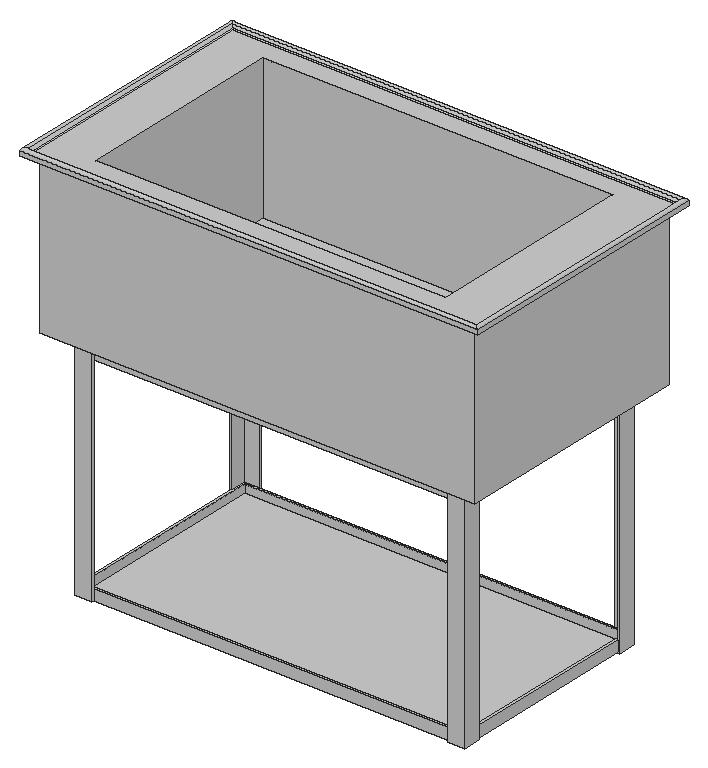
Revit family "QF_VOLLRATH_FC-4CP-01120-R", category Specialty Equipment, Revit 2016
Family settings
  Part Type = Normal
  Round Connector Dimension = Use Diameter
  OmniClass Number = 23.40.40.14.24.14
  OmniClass Title = Service Line Equipment
  Work Plane-Based = Yes
  Always vertical = Yes
  Cut with Voids When Loaded = Yes
  Shared = No
  Room Calculation Point = No
Parameters (values of type "FC-4CP-01120-R")
  Weight in Pounds = 91
  Watts = 384 W
  Waste Water Discharge Temperature [instance] = 0 °F
  Waste Remarks = ""
  Volts = 120 V
  URL Cutsheet = "www.vollrathfoodservice.com/downloads/211936/SPCDrop-InStandardRefrigL36186FC-4CP-pdf"
  URL = "www.vollrathfoodservice.com"
  Status [instance] = ""
  Specification by User [instance] = ""
  Specification by Manufacturer = ""
  Serial Number = ""
  Seismic Rating = ""
  SMACNA No = ""
  Revision Code [instance] = ""
  Plumbing Remarks [instance] = ""
  Plumbing Connection Type [instance] = ""
  Phase = 1
  Number of Poles = 1
  NAFEM Spec ID Number = ""
  Model = "FC-4CP-01120-R"
  Min Ckt Ampacity = 0 A
  Max Overcurrent Protection = 10 A
  Masterspec = ""
  Manufacturer = "VOLLRATH US"
  Item Number [instance] = ""
  Installed By [instance] = ""
  Identify Quantity as Lot [instance] = no
  HP = "0.5"
  Furnished By [instance] = ""
  Foodservice Equipment Identifier [instance] = yes
  FL Amps = 3.2 A
  Electrical Remarks [instance] = ""
  Electric Connection Type [instance] = "Plug&Receptacle"
  Elec Conn RI Height [instance] = 0"
  Elec Conn Connection Height [instance] = 0"
  Direct Waste Size = 1"
  Direct Waste RI Height = 0"
  Direct Waste Flow = 0 GPM
  Direct Waste Connection Height = 0"
  Description = "ONE-WELL 120-VOLT NSF 7-CERTIFIED REFRIGERATED MODULAR DROP-IN COLD WELL WITH FLAT FLANGE"
  Default Elevation = 0"
  Cycle = 60 Hz
  Conn Plug = "NEMA 5-15P"
  Conn Conduit [instance] = no
  CSI MasterFormat = ""
  Author = ""
  Assembly Code = "E1090320"
  Apparent Power = 384 VA
Reference planes (in)
  plane 1 "Back": y = 0
  plane 2: z = 0
  plane 3 "Left": x = 0
  plane 4 "Front": y = -15
  plane 5 "Top": z = 0
  plane 6 "Right": x = 26
Forms (in)
  Extrusion 1, solid
    sketch origin (0, 0, 2.308) x (1, 0, 0) y (0, 1, 0)
      loop
        line (22.9375, -1.5625) -> (3.0625, -1.5625) -> (3.0625, -13.4375) -> (22.9375, -13.4375) -> (22.9375, -1.5625)
      loop
        circle (20.96389, -3.55414) r 0.75
    from -11.375 to -10.305
  Extrusion 2, solid
    sketch origin (5.95684, -174.6095, -22.25) x (-1, 0, 0) y (0, -1, 0)
      loop
        line (-18.01191, -161.2345) -> (-17.13691, -161.2345) -> (-17.13691, -161.1095) -> (-18.13691, -161.1095) -> (-18.13691, -162.1095) -> (-18.01191, -162.1095) -> (-18.01191, -161.2345)
      loop
        line (3.92559, -161.2345) -> (3.92559, -162.1095) -> (4.05059, -162.1095) -> (4.05059, -161.1095) -> (3.05059, -161.1095) -> (3.05059, -161.2345) -> (3.92559, -161.2345)
      loop
        line (-18.01191, -172.9845) -> (-18.01191, -172.1095) -> (-18.13691, -172.1095) -> (-18.13691, -173.1095) -> (-17.13691, -173.1095) -> (-17.13691, -172.9845) -> (-18.01191, -172.9845)
      loop
        line (3.92559, -172.9845) -> (3.05059, -172.9845) -> (3.05059, -173.1095) -> (4.05059, -173.1095) -> (4.05059, -172.1095) -> (3.92559, -172.1095) -> (3.92559, -172.9845)
    from -0.125 to 13.183
  Extrusion 3, solid
    sketch origin (5.95684, -174.7345, -22.375) x (-1, 0, 0) y (0, -1, 0)
      loop
        line (3.92559, -173.1095) -> (3.92559, -161.3595) -> (-18.01191, -161.3595) -> (-18.01191, -173.1095) -> (3.92559, -173.1095)
    from 0 to 0.125
  Extrusion 4, solid
    sketch origin (8.28434, -13.375, -22.25) x (1, 0, 0) y (0, 0, -1)
      loop
        line (-6.25309, -13.183) -> (15.68441, -13.183) -> (15.68441, -12.183) -> (-6.25309, -12.183) -> (-6.25309, -13.183)
    from 0 to 0.125
  Extrusion 5, solid
    sketch origin (8.28434, -1.625, -22.25) x (1, 0, 0) y (0, 0, 1)
      loop
        line (-6.25309, 13.183) -> (-6.25309, 12.183) -> (15.68441, 12.183) -> (15.68441, 13.183) -> (-6.25309, 13.183)
    from 0 to 0.125
  Extrusion 6, solid
    sketch origin (2.03125, -15.531, -22.25) x (0, -1, 0) y (0, 0, -1)
      loop
        line (-3.031, -13.183) -> (-3.031, -12.183) -> (-4.156, -12.183) -> (-4.156, -13.183) -> (-3.031, -13.183)
      loop
        line (-13.031, -13.183) -> (-11.906, -13.183) -> (-11.906, -12.183) -> (-13.031, -12.183) -> (-13.031, -13.183)
    from 0 to -0.125
  Extrusion 7, void
    sketch origin (0, 0, 0) x (1, 0, 0) y (0, 1, 0)
      loop
        line (25.625, -0.375) -> (0.375, -0.375) -> (0.375, -14.625) -> (25.625, -14.625) -> (25.625, -0.375)
    from 3.27425 to -22.375
  Extrusion 8, solid
    sketch origin (23.96875, -15.531, -22.25) x (0, -1, 0) y (0, 0, 1)
      loop
        line (-3.031, 13.183) -> (-4.156, 13.183) -> (-4.156, 12.183) -> (-3.031, 12.183) -> (-3.031, 13.183)
      loop
        line (-13.031, 13.183) -> (-13.031, 12.183) -> (-11.906, 12.183) -> (-11.906, 13.183) -> (-13.031, 13.183)
    from 0 to -0.125
  Extrusion 9, solid
    sketch origin (0, 0, 0) x (1, 0, 0) y (0, 1, 0)
      loop
        line (0.625, -0.625) -> (0.625, -14.375) -> (25.375, -14.375) -> (25.375, -0.625) -> (0.625, -0.625)
      loop
        line (3.0625, -1.5625) -> (3.0625, -13.4375) -> (22.9375, -13.4375) -> (22.9375, -1.5625) -> (3.0625, -1.5625)
    from 0 to 0.14643
  Extrusion 10, solid
    sketch origin (0, 0, 0) x (1, 0, 0) y (0, 1, 0)
      loop
        line (0.625, -0.625) -> (0.625, -14.375) -> (25.375, -14.375) -> (25.375, -0.625) -> (0.625, -0.625)
      loop
        line (22.9375, -13.4375) -> (22.9375, -1.5625) -> (3.0625, -1.5625) -> (3.0625, -13.4375) -> (22.9375, -13.4375)
    from -9.067 to 0
  Extrusion 11, solid
    sketch origin (0, 0, 0) x (1, 0, 0) y (0, 1, 0)
      loop
        circle (20.96389, -3.55414) r 0.5
      loop
        circle (20.96389, -3.55414) r 0.75
    from -9.067 to -7.997
  Sweep 12, solid
    path origin (0, 0, 0) x (1, 0, 0) y (0, 1, 0)
      loop
        line (0.34375, -0.34375) -> (0.34375, -14.65625) -> (25.65625, -14.65625) -> (25.65625, -0.34375) -> (0.34375, -0.34375)
    profile origin (13, -0.34375, 0) x (0, 1, 0) y (0, 0, 1)
      loop
        line (0.34375, 0) -> (0.34375, 0.24548)
        arc (0.34375, 0.24548) -> (0.25632, 0.36797) -> (0.11207, 0.3251) r 0.12952
        line (0.11207, 0.3251) -> (0.00446, 0.18703)
        arc (0.00446, 0.18703) -> (-0.03241, 0.15713) -> (-0.07866, 0.14643) r 0.10539
        line (-0.07866, 0.14643) -> (-0.28125, 0.14643) -> (-0.28125, 0) -> (0.34375, 0)
  Extrusion 13, solid
    sketch origin (0, 0, 0.01778) x (1, 0, 0) y (0, 1, 0)
      loop
        circle (21, -7.5) r 0.25
    from -9.33478 to -9.08478
  Extrusion 14, solid
    sketch origin (0, 0, 0) x (1, 0, 0) y (0, 1, 0)
      loop
        line (2.03125, -13.375) -> (23.96875, -13.375) -> (23.96875, -1.625) -> (2.03125, -1.625) -> (2.03125, -13.375)
      loop
        line (23.84375, -1.75) -> (2.15625, -1.75) -> (2.15625, -13.25) -> (23.84375, -13.25) -> (23.84375, -1.75)
    from -22.25 to -21.75
Cuts and joins
  joined: Extrusion 1, Extrusion 9, Extrusion 10, Sweep 12
  joined: Extrusion 3, Extrusion 14
Lines and regions (in)
  symbolic lines, style "200-EquipBorder-2D"
    curve 1: line (26, 0, 0) -> (0, 0, 0)
    curve 2: line (26, -15, 0) -> (26, 0, 0)
    curve 3: line (0, 0, 0) -> (0, -15, 0)
    curve 8: line (0, -15, 0) -> (26, -15, 0)
  symbolic lines, style "200-EquipInternal-2D"
    curve 4: line (22.9375, -1.5625, 0) -> (3.0625, -1.5625, 0)
    curve 5: line (22.9375, -13.4375, 0) -> (22.9375, -1.5625, 0)
    curve 6: line (3.0625, -13.4375, 0) -> (22.9375, -13.4375, 0)
    curve 7: line (3.0625, -1.5625, 0) -> (3.0625, -13.4375, 0)
    curve 9: arc (20.46389, -3.55414, 0) -> (20.96389, -3.05414, 0) -> (21.46389, -3.55414, 0) r 0.5
    curve 10: arc (21.46389, -3.55414, 0) -> (20.96389, -4.05414, 0) -> (20.46389, -3.55414, 0) r 0.5
    curve 11: arc (20.21389, -3.55414, 0) -> (20.96389, -2.80414, 0) -> (21.71389, -3.55414, 0) r 0.75
    curve 12: arc (21.71389, -3.55414, 0) -> (20.96389, -4.30414, 0) -> (20.21389, -3.55414, 0) r 0.75
Dimensions and locks (in)
  plane 3 "Left" to plane 6 "Right" = 26"
  plane 4 "Front" to plane 1 "Back" = 15"
  Extrusion 3 sketch curve to Extrusion 3 sketch curve = 21 15/16"
  aligned and locked: level to plane 2
Connectors (in)
  piping at (20.96389, -3.55414, -9.067), diameter 1, driven by "Direct Waste Flow", driven by "Direct Waste Size"
    settings: on Extrusion 1, index 1, connector inside diameter 24", connector length 0", flow factor 0, pipe flow 0 GPM, pressure drop 0.00 psi, fitting loss kfactor 0, connector angle 0.00°, fixture units 0, engagement length 0", angle of deflection 0.00°, flow configuration 1, flow direction 2, fitting loss method 0, system type 16, joint type 0, gender type 0, connector reference index -1, connector utility 0, adjustable connector no, is connector primary yes, connector description "Drain"
  electrical at (21, -7.5, -9.317), driven by "Number of Poles", driven by "Volts", driven by "Apparent Power"
    settings: on Extrusion 13, index 2, voltage 120 V, apparent load 384 VA, apparent load phase1 0 VA, apparent load phase2 0 VA, apparent load phase3 0 VA, power factor 1, load classification "Other", number of poles 1, system type 30, power factor state 1, is connector primary yes, connector utility no, sub classification motor no, connector description "Electrical connection"
